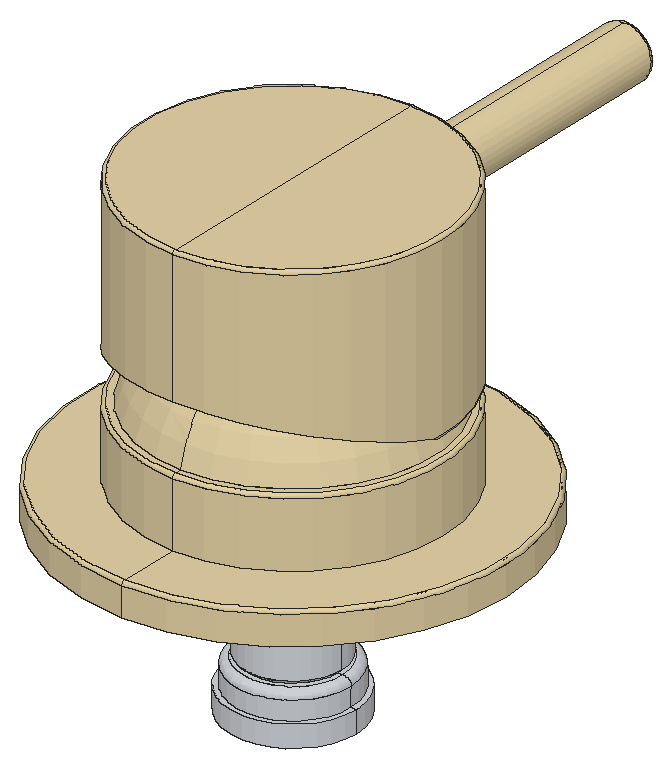
Revit family "Reece_Tap_Sussex_Scala_Shower or Bath Mixer", category Plumbing Fixtures, host Face, Revit 2018
Family settings
  Host = Face
  Round Connector Dimension = Use Diameter
  Part Type = Normal
  Cut with Voids When Loaded = No
  Shared = Yes
  Room Calculation Point = Yes
Parameters (values of type "Living Rustic Bronze")
  WFU = 0  # constant formula
  URL = "https://www.reece.com.au/product/-2299579"
  Type Comments = "Tap"
  Reece_Tap_Projection = 85 mm  # constant formula
  Reece_Tap_Inlet = 12.5 mm  # constant formula
  Reece_Tap_Handle_Top_Height = 27 mm  # constant formula
  Reece_Tap_Handle_Height = 45 mm  # constant formula
  Reece_Tap_Handle_Bottom_Height = 15 mm  # constant formula
  Reece_Product_Web Page = "https://www.reece.com.au/product/-2299579"
  Reece_Product_Type = "Tap"  # constant formula
  Reece_Product_Sub Brand = "Scala"  # constant formula
  Reece_Product_Number = "2299579"
  Reece_Product_Mount = "Wall Mounted"
  Reece_Product_Description = "Sussex Scala Shower / Bath Mixer Tap Living Rustic Bronze"
  Reece_Product_Brand = "Sussex"  # constant formula
  Reece_Overall_Diameter = 64 mm  # constant formula
  Reece_Material_Main = Reece_Metal_Bronze_Living Rustic
  Reece_Detail_Type = "Shower / Bath Mixer"  # constant formula
  Reece_Detail_Disclaimer = "THIS FILE IS THE PROPERTY OF THE REECE GROUP. IT MAY NOT BE REPRODUCED, REVERSE-ENGINEERED OR MODIFIED. ANY REPUBLICATION, TRANSMISSION OR DISTRIBUTION FOR THE PURPOSE OF COMMERCIALLY EXPLOITING THE FILES IS PROHIBITED."  # constant formula
  Model = "Scala"
  Manufacturer = "Sussex"
  Keynote = "Product #2299579, Reece_Tap_Sussex_Scala_Shower or Bath Mixer - Living Rustic Bronze"
  HWFU = 0  # constant formula
  Disclaimer = "THIS FILE IS THE PROPERTY OF THE REECE GROUP. IT MAY NOT BE REPRODUCED, REVERSE-ENGINEERED OR MODIFIED. ANY REPUBLICATION, TRANSMISSION OR DISTRIBUTION FOR THE PURPOSE OF COMMERCIALLY EXPLOITING THE FILES IS PROHIBITED."  # constant formula
  Description = "Scala Shower / Bath Mixer Tap Living Rustic Bronze"
  Default Elevation = 1000 mm
  CWFU = 0  # constant formula
Types (12, lengths in mm): name | URL | Reece_Product_Web Page | Reece_Product_Number | Reece_Product_Description | Reece_Material_Main | Keynote | Description
  Brushed Stainless Steel | "https://www.reece.com.au/product/-2262975" | "https://www.reece.com.au/product/-2262975" | "2262975" | "Sussex Scala Shower / Bath Mixer Tap 316 Stainless Steel" | Reece_Metal_Brushed Stainless Steel | "Product #2262975, Reece_Tap_Sussex_Scala_Shower or Bath Mixer - Brushed Stainless Steel" | "Scala Shower / Bath Mixer Tap 316 Stainless Steel"
  Brushed Brass Gold | "https://www.reece.com.au/product/-2223772" | "https://www.reece.com.au/product/-2223772" | "2223772" | "Sussex Scala Shower / Bath Mixer Tap Brushed Brass Gold" | Reece_Brass_Brushed Gold | "Product #2223772, Reece_Tap_Sussex_Scala_Shower or Bath Mixer - Brushed Brass Gold" | "Scala Shower / Bath Mixer Tap Brushed Brass Gold"
  Brushed Gunmetal | "https://www.reece.com.au/product/-2261562" | "https://www.reece.com.au/product/-2261562" | "2261562" | "Sussex Scala Shower / Bath Mixer Tap Brushed Gunmetal" | Reece_Brass_Brushed Gunmetal | "Product #2261562, Reece_Tap_Sussex_Scala_Shower or Bath Mixer - Brushed Gunmetal" | "Scala Shower / Bath Mixer Tap Brushed Gunmetal"
  Brushed Nickel | "https://www.reece.com.au/product/-2263258" | "https://www.reece.com.au/product/-2263258" | "2263258" | "Sussex Scala Shower / Bath Mixer Tap Brushed Nickel" | Reece_Brass_Brushed Nickel | "Product #2263258, Reece_Tap_Sussex_Scala_Shower or Bath Mixer - Brushed Nickel" | "Scala Shower / Bath Mixer Tap Brushed Nickel"
  Chrome | "https://www.reece.com.au/product/-2261435" | "https://www.reece.com.au/product/-2261435" | "2261435" | "Sussex Scala Shower / Bath Mixer Tap Chrome" | Reece_Brass_Chrome | "Product #2261435, Reece_Tap_Sussex_Scala_Shower or Bath Mixer - Chrome" | "Scala Shower / Bath Mixer Tap Chrome"
  Living Brushed Brass | "https://www.reece.com.au/product/-2263423" | "https://www.reece.com.au/product/-2263423" | "2263423" | "Sussex Scala Shower / Bath Mixer Tap Living Brushed Brass" | Reece_Brass_Living Brushed | "Product #2263423, Reece_Tap_Sussex_Scala_Shower or Bath Mixer - Living Brushed Brass" | "Scala Shower / Bath Mixer Tap Living Brushed Brass"
  Living Rustic Bronze | "https://www.reece.com.au/product/-2299579" | "https://www.reece.com.au/product/-2299579" | "2299579" | "Sussex Scala Shower / Bath Mixer Tap Living Rustic Bronze" | Reece_Metal_Bronze_Living Rustic | "Product #2299579, Reece_Tap_Sussex_Scala_Shower or Bath Mixer - Living Rustic Bronze" | "Scala Shower / Bath Mixer Tap Living Rustic Bronze"
  Living Tumbled Brass | "https://www.reece.com.au/product/-2262419" | "https://www.reece.com.au/product/-2262419" | "2262419" | "Sussex Scala Shower / Bath Mixer Tap Living Tumbled Brass" | Reece_Brass_Living Tumbled | "Product #2262419, Reece_Tap_Sussex_Scala_Shower or Bath Mixer - Living Tumbled Brass" | "Scala Shower / Bath Mixer Tap Living Tumbled Brass"
  PVD Brushed Platinum Gold | "https://www.reece.com.au/product/-2268204" | "https://www.reece.com.au/product/-2268204" | "2268204" | "Sussex Scala Shower / Bath Mixer Tap LUX PVD Brushed Platinum Gold" | Reece_PVD_Brushed_Platinum Gold | "Product #2268204, Reece_Tap_Sussex_Scala_Shower or Bath Mixer - PVD Brushed Platinum Gold" | "Scala Shower / Bath Mixer Tap LUX PVD Brushed Platinum Gold"
  Matte Black | "https://www.reece.com.au/product/-2262354" | "https://www.reece.com.au/product/-2262354" | "2262354" | "Sussex Scala Shower / Bath Mixer Tap Matte Black" | Reece_Brass_Matte Black | "Product #2262354, Reece_Tap_Sussex_Scala_Shower or Bath Mixer - Matte Black" | "Scala Shower / Bath Mixer Tap Matte Black"
  Matte White | "https://www.reece.com.au/product/-2263794" | "https://www.reece.com.au/product/-2263794" | "2263794" | "Sussex Scala Shower / Bath Mixer Tap Matte White" | Reece_Brass_Matte White | "Product #2263794, Reece_Tap_Sussex_Scala_Shower or Bath Mixer - Matte White" | "Scala Shower / Bath Mixer Tap Matte White"
  Satin Chrome | "https://www.reece.com.au/product/-2261671" | "https://www.reece.com.au/product/-2261671" | "2261671" | "Sussex Scala Shower / Bath Mixer Tap Satin Chrome" | Reece_Brass_Satin Chrome | "Product #2261671, Reece_Tap_Sussex_Scala_Shower or Bath Mixer - Satin Chrome" | "Scala Shower / Bath Mixer Tap Satin Chrome"
Reference planes
  plane 1 "Center (Front/Back)": y = 0
  plane 2 "Bottom": z = 0
  plane 3 "Center (Left/Right)": x = 0
  plane 4 "Top": z = 45
  plane 5: y = -32
  plane 6: y = 32
  plane 7: x = 22.5
  plane 8: x = -22.5
  plane 9: x = -32
  plane 10: y = 62.5
  plane 11: x = 32
Forms (mm)
  Extrusion 1, void
    sketch origin (0, 0, 0) x (1, 0, 0) y (0, 1, 0)
      loop
        circle (0, 0) r 25
    from 0 to -56.659
  Revolve 2, solid
    sketch origin (-68.901, 0, 1219.2) x (-1, 0, 0) y (0, 0, -1)
      loop
        line (-70.291, 1249.229) -> (-72.464, 1245.49) -> (-78.403, 1245.49) -> (-78.403, 1242.245) -> (-77.603, 1242.245) -> (-77.603, 1239.482)
        arc (-77.603, 1239.482) -> (-77.255, 1238.642) -> (-76.415, 1238.294) r 1.188
        line (-76.415, 1238.294) -> (-75.615, 1238.294) -> (-76.181, 1237.729) -> (-76.181, 1231.032) -> (-79.166, 1231.032) -> (-80.275, 1229.923) -> (-79.398, 1229.416) -> (-79.398, 1228.616) -> (-80.366, 1228.205) -> (-79.398, 1227.646) -> (-79.398, 1226.846) -> (-80.359, 1226.378) -> (-79.398, 1225.823) -> (-79.398, 1225.023) -> (-80.37, 1224.549) -> (-79.398, 1223.987) -> (-79.398, 1223.187) -> (-80.374, 1222.813) -> (-80.374, 1219.2) -> (-68.901, 1219.2) -> (-68.901, 1249.229) -> (-70.291, 1249.229)
      axis (-68.901, 1219.2) -> (-68.901, 1249.229)
    angle from 0 to 360
Text (mm)
  text "Reece Copyright © 2018, Reece Ltd." at (-151.296, -189.756, 0), in view "Ref. Level"
  text "Reece ©" at (44.384, 258.95, 192.345), in view "Reece Preview"
Dimensions and locks
  plane 6 to plane 5 = 64 mm  (x2)
  plane 8 to plane 7 = 45 mm  (x2)
  "Reece_Tap_Projection": nested 1 to plane 10
  plane 5 to plane 6 = 64 mm
  "Reece_Tap_Handle_Height": plane 4 "Top" to plane 2 "Bottom"
  "Reece_Overall_Diameter": plane 9 to plane 11
  plane 7 to plane 8 = 45 mm
  plane 10 to nested 1 = 85 mm
  aligned and locked: plane 2 "Bottom" to host face
  aligned and locked: level to host face
  aligned and locked: plane 3 "Center (Left/Right)" to nested 1
  aligned and locked: plane 4 "Top" to nested 1
  aligned and locked: plane 10 to nested 1
Automatic sketch dimensions
  host sketch curve to host sketch curve = 380.785 mm
  host sketch curve to host sketch curve = 317.421 mm
  plane 1 "Center (Front/Back)" to Extrusion 1 sketch curve = 0 mm
  Extrusion 1 sketch curve to plane 3 "Center (Left/Right)" = 0 mm
  Revolve 2 sketch curve to level = 0 mm
  Revolve 2 sketch curve to plane 7 = 11.027 mm
  Revolve 2 sketch curve to Revolve 2 sketch curve = 0.004 mm  (x2)
  Revolve 2 sketch curve to Revolve 2 sketch curve = 0.007 mm
  Revolve 2 sketch curve to Revolve 2 sketch curve = 0.09 mm
  Revolve 2 sketch curve to Revolve 2 sketch curve = 0.968 mm
  Revolve 2 sketch curve to Revolve 2 sketch curve = 0.972 mm
  Revolve 2 sketch curve to Revolve 2 sketch curve = 0 mm  (x2)
  Revolve 2 sketch curve to Revolve 2 sketch curve = 1.109 mm  (x2)
  plane 3 "Center (Left/Right)" to Revolve 2 sketch curve = 9.502 mm
  Revolve 2 sketch curve to Revolve 2 sketch curve = 0.8 mm  (x6)
  Revolve 2 sketch curve to Revolve 2 sketch curve = 1.188 mm
  Revolve 2 sketch curve to Revolve 2 sketch curve = 0.234 mm
  plane 3 "Center (Left/Right)" to Revolve 2 sketch curve = 3.563 mm
  plane 3 "Center (Left/Right)" to Revolve 2 sketch curve = 1.39 mm
  plane 3 "Center (Left/Right)" to Revolve 2 sketch curve = 0 mm  (x2)
  Revolve 2 sketch curve to Revolve 2 sketch curve = 3.612 mm
  Revolve 2 sketch curve to Revolve 2 sketch curve = 0.375 mm
  Revolve 2 sketch curve to Revolve 2 sketch curve = 0.561 mm
  Revolve 2 sketch curve to Revolve 2 sketch curve = 1.036 mm
  Revolve 2 sketch curve to Revolve 2 sketch curve = 0.555 mm
  Revolve 2 sketch curve to Revolve 2 sketch curve = 1.023 mm
  Revolve 2 sketch curve to Revolve 2 sketch curve = 0.559 mm
  Revolve 2 sketch curve to Revolve 2 sketch curve = 0.97 mm
  Revolve 2 sketch curve to Revolve 2 sketch curve = 0.507 mm
  Revolve 2 sketch curve to Revolve 2 sketch curve = 6.697 mm
  Revolve 2 sketch curve to Revolve 2 sketch curve = 0.566 mm
  Revolve 2 sketch curve to Revolve 2 sketch curve = 2.762 mm
  Revolve 2 sketch curve to Revolve 2 sketch curve = 3.246 mm
  Revolve 2 sketch curve to Revolve 2 sketch curve = 3.739 mm
  level to Revolve 2 sketch curve = 8.93 mm
  Revolve 2 sketch curve to Revolve 2 sketch curve = 7.488 mm
  radius of Extrusion 1 sketch curve = 25 mm
Nested families
  nested 1: "Reece_Tap_Sussex_Scala_Mixer_Nested" at (0, 0, 0), Reece_Overall_Diameter <- "Reece_Overall_Diameter", Reece_Tap_Handle_Bottom_Height <- "Reece_Tap_Handle_Bottom_Height", Reece_Tap_Handle_Height <- "Reece_Tap_Handle_Height", Reece_Tap_Handle_Top_Height <- "Reece_Tap_Handle_Top_Height", Reece_Tap_Projection <- "Reece_Tap_Projection", Reece_Material_Main <- "Reece_Material_Main", type "Reece_Tap_Sussex_Scala_Mixer_Nested"
    with Reece_Tap_Projection 85 mm, Reece_Tap_Handle_Top_Height 27 mm, Reece_Tap_Handle_Height 45 mm, Reece_Tap_Handle_Bottom_Height 15 mm, Reece_Overall_Diameter 64 mm, Reece_Material_Main Reece_Metal_Bronze_Living Rustic
Connectors
  piping at (0, 0, -26.29), diameter 12.5, driven by "Reece_Tap_Inlet"
    settings: on Revolve 2, index 1, connector inside diameter 609.6 mm, connector length 0 mm, flow factor 0, pipe flow 0.0 L/s, pressure drop 0.0 Pa, fitting loss kfactor 0, connector angle 0.00°, fixture units 0, engagement length 0 mm, angle of deflection 0.00°, flow configuration 0, flow direction 1, fitting loss method 0, system type 29, joint type 0, gender type 0, connector reference index -1, connector utility 0, adjustable connector no, is connector primary yes, connector description ""
Definition of nested family "Reece_Tap_Sussex_Scala_Mixer_Nested"
  Parameters (values of type "Reece_Tap_Sussex_Scala_Mixer_Nested")
    Waste Connection = no
    WFU = 0
    Vent Connection = no
    URL = ""
    Type Comments = ""
    Reece_Tap_Projection [instance] = 85 mm
    Reece_Tap_Handle_Top_Height [instance] = 30 mm
    Reece_Tap_Handle_Height [instance] = 46.4 mm
    Reece_Tap_Handle_Bottom_Height [instance] = 15 mm
    Reece_Overall_Diameter [instance] = 55 mm
    Reece_Material_Main [instance] = none
    Model = ""
    Manufacturer = ""
    Keynote = ""
    HWFU = 0
    HW Connection = no
    Description = ""
    Default Elevation = 0 mm
    Cost = 0
    CWFU = 0
    CW Connection = no
    Assembly Code = ""
  Reference planes
    plane 1 "Center (Front/Back)": y = 0
    plane 2 "Bottom": z = 0
    plane 3 "Center (Left/Right)": x = 0
    plane 4: y = -27.5
    plane 5: y = 27.5
    plane 6: z = 36
    plane 7: x = -27
    plane 8: x = 27
    plane 9: z = 46.4
    plane 10: z = 16.4
    plane 11: z = 15
    plane 12: z = 4.8
    plane 13: x = -22.5
    plane 14: x = 22.5
    plane 15: y = 22.5
    plane 16: y = -22.5
    plane 17: y = 62.5
  Forms (mm)
    Extrusion 1, solid
      sketch origin (619.2, -619.2, 0) x (1, 0, 0) y (0, 1, 0)
        loop
          line (-809.2, 779.2) -> (-809.2, 461.779) -> (-428.415, 461.779) -> (-428.415, 779.2) -> (-809.2, 779.2)
      from 0 to -9.564
    Revolve 2, solid, material <- "Reece_Material_Main"
      sketch origin (0, 0, 0) x (0, 1, 0) y (0, 0, 1)
        loop
          line (0, 0) -> (0, 15) -> (-22, 15)
          arc (-22, 15) -> (-22.354, 14.854) -> (-22.5, 14.5) r 0.5
          line (-22.5, 14.5) -> (-22.5, 4.8) -> (-27, 4.8)
          arc (-27, 4.8) -> (-27.354, 4.654) -> (-27.5, 4.3) r 0.5
          line (-27.5, 4.3) -> (-27.5, 0) -> (0, 0)
        axis (0, 15) -> (0, 0)
      angle from 0 to 360
    Revolve 3, solid, material <- "Reece_Material_Main"
      sketch origin (0, 0, 0) x (0, 1, 0) y (0, 0, 1)
        loop
          line (0, 15) -> (0, 31.322)
          arc (0, 31.322) -> (-13.307, 26.749) -> (-21.048, 15) r 21.8
          line (-21.048, 15) -> (0, 15)
        axis (0, 31.322) -> (0, 15)
      angle from 0 to 360
    Revolve 4, solid, material <- "Reece_Material_Main"
      sketch origin (0, 0, 0) x (0, 1, 0) y (0, 0, 1)
        loop
          line (0, 46.4) -> (-22, 46.4)
          arc (-22, 46.4) -> (-22.354, 46.254) -> (-22.5, 45.9) r 0.5
          line (-22.5, 45.9) -> (-22.5, 16.9)
          arc (-22.5, 16.9) -> (-22.354, 16.546) -> (-22, 16.4) r 0.5
          line (-22, 16.4) -> (0, 16.4) -> (0, 46.4)
        axis (0, 46.4) -> (0, 16.4)
      angle from 0 to 360
    Extrusion 5, void
      sketch origin (0, 0, 0) x (0, 1, 0) y (0, 0, 1)
        loop
          line (0, 16.4) -> (-25.877, 28.551) -> (-25.877, 16.4) -> (0, 16.4)
      from -27 to 27
    Revolve 6, solid, material <- "Reece_Material_Main"
      sketch origin (0, 0, 30.1) x (0, -1, 0) y (0, 0, -1)
        loop
          line (0, -5.9) -> (-62.5, -5.9) -> (-62.5, -9.4)
          arc (-62.5, -9.4) -> (-62.354, -9.754) -> (-62, -9.9) r 0.5
          line (-62, -9.9) -> (0, -9.9) -> (0, -5.9)
        axis (0, -5.9) -> (-62.5, -5.9)
      angle from 0 to 360
  Cuts and joins
    Extrusion 5 cuts Revolve 4
    joined: Revolve 2, Revolve 3, Revolve 4, Revolve 6
  Text (mm)
    text "Reece Copyright © 2018, Reece Ltd." at (-535.299, -238.73, 0), in view "Ref. Level"
    text "Reece ©" at (44.384, 258.95, 192.345), in view "Reece Preview"
  Dimensions and locks
    "Reece_Overall_Diameter": plane 4 to plane 5
    equal spacing: plane 4, plane 1 "Center (Front/Back)", plane 5
    "Reece_Tap_Handle_Top_Height": plane 9 to plane 10
    "Reece_Tap_Handle_Height": plane 9 to plane 2 "Bottom"
    locked: plane 9 to plane 6 at 10.4
    "Reece_Tap_Handle_Bottom_Height": plane 11 to plane 2 "Bottom"
    plane 12 to Extrusion 1 = 4.8 mm
    plane 13 to plane 14 = 45 mm
    locked: Revolve 2 sketch curve to Revolve 2 sketch curve at 22.5
    locked: cut or joined group of Revolve 2, Revolve 3, Revolve 4, Extrusion 5, Revolve 6 to Revolve 3 sketch curve at 16.322
    locked: Revolve 3 sketch curve to Revolve 3 sketch curve at 21.048
    locked: plane 16 to plane 15 at 45
    "Reece_Tap_Projection": plane 16 to plane 17
    aligned and locked: plane 2 "Bottom" to Extrusion 1
    aligned and locked: level to Extrusion 1
    aligned and locked: cut or joined group of Revolve 2, Revolve 3, Revolve 4, Extrusion 5, Revolve 6 to plane 11
    aligned and locked: Revolve 3 to plane 11  (x2)
    aligned and locked: plane 10 to Revolve 4 sketch curve
    aligned and locked: plane 9 to Revolve 4 sketch curve
    aligned and locked: plane 10 to Extrusion 5 sketch curve
    aligned and locked: Revolve 2 sketch curve to plane 4
    aligned and locked: cut or joined group of Revolve 2, Revolve 3, Revolve 4, Extrusion 5, Revolve 6 to Revolve 4 sketch curve
    aligned and locked: Extrusion 5 to plane 10
    aligned and locked: plane 1 "Center (Front/Back)" to Revolve 4 sketch curve
    aligned and locked: plane 1 "Center (Front/Back)" to Revolve 6 sketch curve
    aligned and locked: Revolve 6 sketch curve to plane 17
  Automatic sketch dimensions
    Extrusion 1 sketch curve to Extrusion 1 sketch curve = 380.785 mm
    Extrusion 1 sketch curve to Extrusion 1 sketch curve = 317.421 mm
    plane 4 to Extrusion 5 sketch curve = 1.623 mm
    Extrusion 5 sketch curve to plane 1 "Center (Front/Back)" = 0 mm
    Extrusion 5 sketch curve to plane 6 = 7.449 mm
    Revolve 4 sketch curve to plane 11 = 0 mm
    Revolve 4 sketch curve to plane 9 = 0.5 mm
    Revolve 4 sketch curve to Revolve 4 sketch curve = 0.5 mm
    Revolve 4 sketch curve to level = 20 mm
    Revolve 3 sketch curve to plane 11 = 0 mm
    Revolve 3 sketch curve to plane 1 "Center (Front/Back)" = 0 mm  (x2)
    Revolve 3 sketch curve to plane 10 = 0 mm
    Revolve 3 sketch curve to plane 1 "Center (Front/Back)" = 0.053 mm
    Revolve 3 sketch curve to Revolve 3 sketch curve = 2.019 mm
    level to Revolve 2 sketch curve = 0 mm
    Revolve 2 sketch curve to plane 12 = 0 mm
    Revolve 2 sketch curve to plane 11 = 0 mm  (x2)
    Revolve 2 sketch curve to plane 1 "Center (Front/Back)" = 0 mm  (x2)
    plane 4 to Revolve 2 sketch curve = 0.5 mm
    Revolve 2 sketch curve to Revolve 2 sketch curve = 0.5 mm
    Revolve 2 sketch curve to level = 20 mm
    Revolve 4 sketch curve to plane 1 "Center (Front/Back)" = 0 mm
    plane 6 to Revolve 6 sketch curve = 0 mm
    Revolve 6 sketch curve to plane 6 = 0 mm
    plane 17 to Revolve 6 sketch curve = 0.5 mm
    plane 6 to Revolve 6 sketch curve = 3.5 mm
    Revolve 6 sketch curve to Revolve 6 sketch curve = 5 mm
    plane 1 "Center (Front/Back)" to Revolve 6 sketch curve = 5 mm
